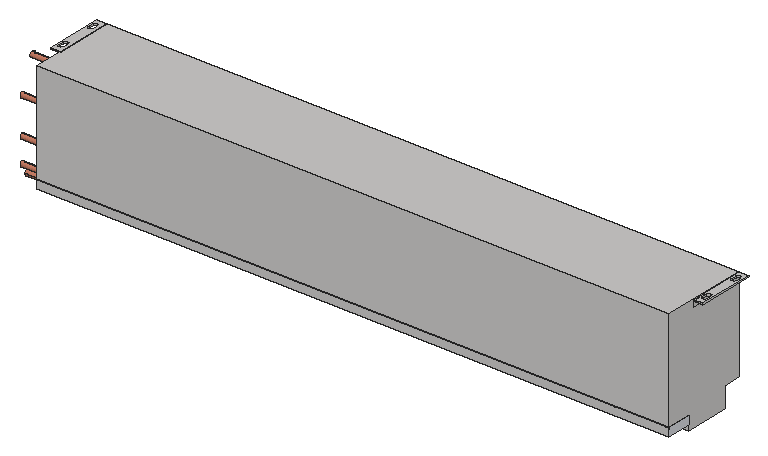
Revit family "HVAC-Chilled_Beam-Dadanco-ACB30", category Mechanical Equipment, host Face, Revit 2015
Parameters (values of type "ACB-5")
  Zone Name [instance] = "0"
  Zone ID [instance] = "0"
  Width = 0' - 8 25/32"
  Unit Tag [instance] = "ACB30"
  URL = "http://www.dadanco.com/"
  Type Comments = "1 Way, Discharge Vertical Coil"
  Total Cooling Capacity = 5178.0 Btu/h
  Supply Air = 311 CFM
  Sound Level dBA = "33"
  Sound Level NC = "21"
  Secondary Air Sensible Heating = 6755.0 Btu/h
  Secondary Air Sensible Cooling = 3168.0 Btu/h
  SHHW Temperature = 110 °F
  SHHW Temp Out = 98 °F
  SHHW Pressure Drop [instance] = HWPD  # 1.40381 psi
  SHHW Flow [instance] = HWF  # 1.1 GPM
  SCHW Temperature = 57 °F
  SCHW Temp Out = 63 °F
  SCHW Pressure Drop [instance] = CWPD  # 4.20 psi
  SCHW Flow [instance] = CWF  # 1.1 GPM
  Primary Air Static Pressure [instance] = PASP  # 0.40 in-wg
  Primary Air Inlet Size = 0' - 6"
  Primary Air Inlet Right [instance] = no
  Primary Air Inlet Left [instance] = no
  Primary Air Inlet Back [instance] = no
  Primary Air Flow Rate [instance] = PA  # 70 CFM
  PASP = 0.40 in-wg
  PA = 70 CFM
  Nozzle Configuration = "45-MN"
  Nominal Unit Length = 6' - 0"
  Net Unit Heating Sensible = 5614.0 Btu/h
  Net Unit Cooling Sensible = 4689.0 Btu/h
  Model Number = ""
  Model = "ACB30"  # constant formula
  Manufacturer = "Dadanco"  # constant formula
  Length = if(Nominal Unit Length = 2' 0", 2' 0", if(Nominal Unit Length = 3' 0", 2' 8", if(Nominal Unit Length = 4' 0", 3' 4", if(Nominal Unit Length = 5' 0", 4' 4", if(Nominal Unit Length = 6' 0", 5' 4", 0' 0")))))  # 5' - 4"
  Latent Cooling = 489.0 Btu/h
  Keynote = "23 37 00.A1"
  Housing Material = Metal-Dadanco-Steel-Galvanized
  Height = 0' - 11 43/64"
  Heating Supply Air Temperature = 87 °F
  Heating Room Dry Bulb = 70 °F
  Heating Primary Air Dry Bulb = 55 °F
  HWPD = 1.40381 psi
  HWF = 1.1 GPM
  Drain material = none
  Drain Right [instance] = and(Drain Connection, Coil Connection Right)  # no
  Drain Left [instance] = and(Drain Connection, Coil Connection Left)  # yes
  Drain Connection [instance] = yes
  Description = "Active Chilled Beam"  # constant formula
  Default Elevation = 9' - 0"
  Cooling Supply Air Temperature = 61 °F
  Cooling Room Relative Humidity = 50
  Cooling Room Dry Bulb = 75 °F
  Cooling Primary Air Wet Bulb = 52.52 °F
  Cooling Primary Air Dry Bulb = 55 °F
  Coil Connection Right [instance] = no
  Coil Connection Left [instance] = not(Coil Connection Right)  # yes
  CWPD = 4.20 psi
  CWF = 1.1 GPM
  Assembly Code = "D3040100"
  4 Pipe Coil Configuration Left [instance] = and([4 Pipe Coil Configuration], Coil Connection Left)  # yes
  4 Pipe Coil Configuration [instance] = [2 or 4 pipe] = 4  # yes
  2 or 4 pipe = 4
  4 Pipe Coil Configuration Right [instance] = and([4 Pipe Coil Configuration], Coil Connection Right)  # no
  2 Pipe Coil Configuration = not([2 or 4 pipe] = 4)  # no
  0.5 inch SWT Stub Coil Connection [instance] = not(or([0.5 inch Female NPT Stub coil Connection], [0.5 inch Male NPT Stub Coil Connection]))  # yes
  0.5 inch Male NPT Stub Coil Connection [instance] = no
  0.5 inch Female NPT Stub coil Connection [instance] = no
Types (6): name | Total Cooling Capacity | Supply Air | Sound Level dBA | Sound Level NC | Secondary Air Sensible Heating | Secondary Air Sensible Cooling | SHHW Temp Out | SHHW Pressure Drop | SHHW Flow | SCHW Temp Out | SCHW Pressure Drop | SCHW Flow | Primary Air Static Pressure | Primary Air Inlet Size | Primary Air Flow Rate | PASP | PA | Nozzle Configuration | Nominal Unit Length | Net Unit Heating Sensible | Net Unit Cooling Sensible | Length | Latent Cooling | Heating Supply Air Temperature | HWPD | HWF | Cooling Supply Air Temperature | CWPD | CWF | 4 Pipe Coil Configuration Left | 4 Pipe Coil Configuration | 2 or 4 pipe | 2 Pipe Coil Configuration | 0.5 inch SWT Stub Coil Connection | 0.5 inch Male NPT Stub Coil Connection | 0.5 inch Female NPT Stub coil Connection
  ACB-1 | 1870.0 Btu/h | 96 CFM | "20" | "15" | 2535.0 Btu/h | 1296.0 Btu/h | 99 °F | 0.319048 psi | 0.5 GPM | 59 °F | 3.40 psi | 1.6 GPM | 0.50 in-wg | 0' - 4" | 20 CFM | 0.50 in-wg | 20 CFM | "15-SN" | 2' - 0" | 2209.0 Btu/h | 1731.0 Btu/h | 2' - 0" | 140.0 Btu/h | 91 °F | 0.319048 psi | 0.5 GPM | 58 °F | 3.40 psi | 1.6 GPM | yes | yes | 4 | no | no | yes | yes
  ACB-2 | 2706.0 Btu/h | 165 CFM | "22" | "15" | 3722.0 Btu/h | 1558.0 Btu/h | 105 °F | 1.08476 psi | 1.5 GPM | 64 °F | 0.40 psi | 0.5 GPM | 0.40 in-wg | 0' - 4" | 40 CFM | 0.40 in-wg | 40 CFM | "25-MN" | 3' - 0" | 3071.0 Btu/h | 2427.0 Btu/h | 2' - 8" | 279.0 Btu/h | 87 °F | 1.08476 psi | 1.5 GPM | 61 °F | 0.40 psi | 0.5 GPM | yes | yes | 4 | no | no | yes | yes
  ACB-3 | 3610.0 Btu/h | 209 CFM | "26" | "16" | 4391.0 Btu/h | 2174.0 Btu/h | 99 °F | 0.478571 psi | 0.8 GPM | 62 °F | 1.90 psi | 1 GPM | 0.40 in-wg | 0' - 6" | 50 CFM | 0.40 in-wg | 50 CFM | "35-MN" | 4' - 0" | 3576.0 Btu/h | 3261.0 Btu/h | 3' - 4" | 349.0 Btu/h | 86 °F | 0.478571 psi | 0.8 GPM | 61 °F | 1.90 psi | 1 GPM | yes | yes | 4 | no | no | yes | yes
  ACB-4 | 4770.0 Btu/h | 261 CFM | "30" | "19" | 7151.0 Btu/h | 3048.0 Btu/h | 97 °F | 4.56238 psi | 1.1 GPM | 65 °F | 2.50 psi | 0.8 GPM | 0.40 in-wg | 0' - 6" | 60 CFM | 0.40 in-wg | 60 CFM | "40-MN" | 5' - 0" | 6173.0 Btu/h | 4351.0 Btu/h | 4' - 4" | 419.0 Btu/h | 92 °F | 4.56238 psi | 1.1 GPM | 60 °F | 2.50 psi | 0.8 GPM | no | no | 2 | yes | no | yes | yes
  ACB-5 | 5178.0 Btu/h | 311 CFM | "33" | "21" | 6755.0 Btu/h | 3168.0 Btu/h | 98 °F | 1.40381 psi | 1.1 GPM | 63 °F | 4.20 psi | 1.1 GPM | 0.40 in-wg | 0' - 6" | 70 CFM | 0.40 in-wg | 70 CFM | "45-MN" | 6' - 0" | 5614.0 Btu/h | 4689.0 Btu/h | 5' - 4" | 489.0 Btu/h | 87 °F | 1.40381 psi | 1.1 GPM | 61 °F | 4.20 psi | 1.1 GPM | yes | yes | 4 | no | yes | no | no
  ACB-6 | 3738.0 Btu/h | 223 CFM | "27" | "17" | 4806.0 Btu/h | 2302.0 Btu/h | 100 °F | 0.638095 psi | 1 GPM | 62 °F | 1.90 psi | 1 GPM | 0.50 in-wg | 0' - 6" | 50 CFM | 0.50 in-wg | 50 CFM | "30-MN" | 4' - 0" | 3991.0 Btu/h | 3389.0 Btu/h | 3' - 4" | 349.0 Btu/h | 86 °F | 0.638095 psi | 1 GPM | 61 °F | 1.90 psi | 1 GPM | yes | yes | 4 | no | no | yes | yes
Reference planes (in)
  plane 1 "Center (Front/Back)": y = 0
  plane 2: z = 0
  plane 3 "Center (Left/Right)": x = 0
  plane 4: z = 5.65426
  plane 5: x = 12
  plane 6: x = -12
  plane 7: z = 11.25187
  plane 8: z = 1.87187
  plane 9: y = -3.14063
  plane 10: y = -3.76563
  plane 11: y = -2.51563
Forms (in)
  Extrusion 1, solid, material "Metal-Dadanco-Steel-Galvanized"
    sketch origin (0, 0, 0) x (1, 0, 0) y (0, 1, 0)
      loop
        line (-32, 4.39062) -> (-32, -4.39063) -> (32, -4.39063) -> (32, 4.39062) -> (-32, 4.39062)
    from 0 to 11.67188
  Extrusion 2, solid, material "Metal-Dadanco-Copper-Satin", visible <- "Coil Connection Right"
    sketch origin (12, -180, 11.67187) x (0, 0, -1) y (0, -1, 0)
      loop
        circle (0.42, -177.48437) r 0.25
    from -20 to -21.9849
  Extrusion 3, solid, material "Metal-Dadanco-Copper-Satin", visible <- "Coil Connection Right"
    sketch origin (12, -180, 11.67187) x (0, 0, -1) y (0, -1, 0)
      loop
        circle (9.8, -176.23437) r 0.25
    from -20 to -21.9849
  Extrusion 4, void
    sketch origin (12, -180, 11.67187) x (0, 0, 1) y (0, -1, 0)
      loop
        line (-9.5782, -182.67062) -> (-11.67188, -182.67062) -> (-11.67188, -184.39062) -> (-9.5782, -184.39062) -> (-9.5782, -182.67062)
    from 20 to -44
  Extrusion 5, solid, material <- "Drain material"
    sketch origin (12, -180, 11.67187) x (0, 0, -1) y (0, -1, 0)
      loop
        line (10.30822, -178.10937) -> (11.12092, -178.10937) -> (11.12092, -175.61062) -> (10.30822, -175.61062) -> (10.30822, -178.10937)
    from -20 to 44
  Extrusion 6, void
    sketch origin (12, -180, 11.67187) x (0, 0, 1) y (0, -1, 0)
      loop
        line (-10.2325, -178.10937) -> (-10.2325, -175.61062) -> (-10.30822, -175.61062) -> (-10.30822, -178.10937) -> (-10.2325, -178.10937)
      loop
        line (-11.12092, -178.10937) -> (-11.12092, -175.60937) -> (-11.67188, -175.60937) -> (-11.67188, -178.10937) -> (-11.12092, -178.10937)
    from 20 to -44
  Extrusion 7, solid, material "Metal-Dadanco-Steel-Galvanized" <- "Housing Material", visible <- "Primary Air Inlet Back"
    sketch origin (-0.25, 13.74436, -4.61572) x (1, 0, 0) y (0, 0, 1)
      loop
        line (1.75, 15.25) -> (-1.25, 15.25)
        arc (-1.25, 15.25) -> (-2.25, 14.25) -> (-1.25, 13.25) r 1
        line (-1.25, 13.25) -> (1.75, 13.25)
        arc (1.75, 13.25) -> (2.75, 14.25) -> (1.75, 15.25) r 1
    from 6.25 to 9.25
  Extrusion 8, solid, material "Metal-Dadanco-Steel-Galvanized" <- "Housing Material", visible <- "Primary Air Inlet Right"
    sketch origin (21.25, 16.17892, 9.13281) x (0, 0.258819, -0.965926) y (0, -0.965926, -0.258819)
      loop
        line (1.75, 15.25) -> (-1.25, 15.25)
        arc (-1.25, 15.25) -> (-2.25, 14.25) -> (-1.25, 13.25) r 1
        line (-1.25, 13.25) -> (1.75, 13.25)
        arc (1.75, 13.25) -> (2.75, 14.25) -> (1.75, 15.25) r 1
    from -13.75 to -10.75
  Extrusion 9, solid, material "Metal-Dadanco-Steel-Galvanized" <- "Housing Material", visible <- "Primary Air Inlet Left"
    sketch origin (-21.25, 16.17892, 9.13281) x (0, 0.258819, -0.965926) y (0, 0.965926, 0.258819)
      loop
        arc (1.75, -15.25) -> (2.75, -14.25) -> (1.75, -13.25) r 1
        line (1.75, -13.25) -> (-1.25, -13.25)
        arc (-1.25, -13.25) -> (-2.25, -14.25) -> (-1.25, -15.25) r 1
        line (-1.25, -15.25) -> (1.75, -15.25)
    from -13.75 to -10.75
  Extrusion 10, solid, material "Metal-Dadanco-Copper-Satin", visible <- "Coil Connection Left"
    sketch origin (-12, -180, 11.67188) x (0, 0, -1) y (0, 1, 0)
      loop
        circle (0.42, 177.48437) r 0.25
    from -20 to -21.9849
  Extrusion 11, solid, material "Metal-Dadanco-Copper-Satin", visible <- "Coil Connection Left"
    sketch origin (-12, -180, 11.67188) x (0, 0, -1) y (0, 1, 0)
      loop
        circle (9.8, 176.23437) r 0.25
    from -20 to -21.9849
  Extrusion 12, solid, material "Metal-Dadanco-Copper-Satin", visible <- "Drain Right"
    sketch origin (0, 0, 0) x (0, 1, 0) y (0, 0, 1)
      loop
        circle (-3.14302, 0.80148) r 0.25
    from 33.9849 to 32
  Extrusion 13, solid, material "Metal-Dadanco-Copper-Satin", visible <- "Drain Left"
    sketch origin (0, 0, 0) x (0, 1, 0) y (0, 0, -1)
      loop
        circle (-3.14302, -0.80148) r 0.25
    from 33.9849 to 32
  Extrusion 14, solid, material "Metal-Dadanco-Copper-Satin", visible <- "4 Pipe Coil Configuration Left"
    sketch origin (-12, -180, 14.17688) x (0, 0, -1) y (0, 1, 0)
      loop
        circle (9.8, 176.23437) r 0.25
    from -20 to -21.9849
  Extrusion 15, solid, material "Metal-Dadanco-Copper-Satin", visible <- "4 Pipe Coil Configuration Left"
    sketch origin (-12, -180, 17.92688) x (0, 0, -1) y (0, 1, 0)
      loop
        circle (9.8, 176.23437) r 0.25
    from -20 to -21.9849
  Extrusion 16, solid, material "Metal-Dadanco-Copper-Satin", visible <- "4 Pipe Coil Configuration Right"
    sketch origin (12, -180, 14.17687) x (0, 0, -1) y (0, -1, 0)
      loop
        circle (9.8, -176.23437) r 0.25
    from -20 to -21.9849
  Extrusion 17, solid, material "Metal-Dadanco-Copper-Satin", visible <- "4 Pipe Coil Configuration Right"
    sketch origin (12, -180, 17.92687) x (0, 0, -1) y (0, -1, 0)
      loop
        circle (9.8, -176.23437) r 0.25
    from -20 to -21.9849
Cuts and joins
  Extrusion 4, Extrusion 6 cuts Extrusion 1
Lines and regions (in)
  Masking region 1, visible <- "Primary Air Inlet Back", detail levels medium+fine
    outline origin (-0.55581, -4.50564, -3.621) x (1, 0, 0) y (0, 1, 0)
      loop
        line (-1.94419, 11.89627) -> (-1.94419, 8.89627) -> (3.05581, 8.89627) -> (3.05581, 11.89627) -> (-1.94419, 11.89627)
  model lines
    curve 1: line (12, -4.39063, 1.43937) -> (12, -1.89063, 1.43937)
    curve 2: line (0, -3.76563, 11.25187) -> (0, -3.76563, 8.12687)
Dimensions and locks (in)
  equal spacing: Extrusion 1, plane 1 "Center (Front/Back)", Extrusion 1
  equal spacing: Extrusion 1, plane 3 "Center (Left/Right)", Extrusion 1
  "Length": Extrusion 1 to Extrusion 1
  "Width": Extrusion 1 to Extrusion 1
  "Height": Extrusion 1 to Extrusion 1
  locked: Extrusion 2 to Extrusion 1 at 1.9849
  cut or joined group of Extrusion 1, Extrusion 4, Extrusion 6 to Extrusion 5 sketch curve = 0' - 8.78"
  level to Extrusion 5 = 0' - 1.36366"
  locked: Extrusion 7 to Extrusion 7 at 3
  locked: Extrusion 8 to Extrusion 8 at 3
  locked: Extrusion 9 to Extrusion 9 at 3
  locked: Extrusion 10 to cut or joined group of Extrusion 1, Extrusion 4, Extrusion 6 at 1.9849
  aligned and locked: plane 2 to host face
  aligned and locked: level to host face
  aligned and locked: Extrusion 3 to Extrusion 2
  aligned and locked: Extrusion 1 to Extrusion 2
  aligned and locked: Extrusion 3 to Extrusion 1
  aligned and locked: Extrusion 1 to Extrusion 4
  aligned and locked: Extrusion 4 to Extrusion 1
  aligned and locked: Extrusion 5 to Extrusion 2
  aligned and locked: cut or joined group of Extrusion 1, Extrusion 4, Extrusion 6 to Extrusion 5
  aligned and locked: Extrusion 1 to Extrusion 6
  aligned and locked: Extrusion 6 to Extrusion 1
  aligned and locked: cut or joined group of Extrusion 1, Extrusion 4, Extrusion 6 to nested 1
  aligned and locked: cut or joined group of Extrusion 1, Extrusion 4, Extrusion 6 to nested 2
  aligned and locked: Masking region 1 to cut or joined group of Extrusion 1, Extrusion 4, Extrusion 6
  aligned and locked: Extrusion 9 to cut or joined group of Extrusion 1, Extrusion 4, Extrusion 6
  aligned and locked: cut or joined group of Extrusion 1, Extrusion 4, Extrusion 6 to Extrusion 8
  aligned and locked: Extrusion 11 to Extrusion 10  (x2)
  aligned and locked: cut or joined group of Extrusion 1, Extrusion 4, Extrusion 6 to Extrusion 10
  aligned and locked: Extrusion 11 to cut or joined group of Extrusion 1, Extrusion 4, Extrusion 6
  aligned and locked: Extrusion 12 to Extrusion 2
  aligned and locked: Extrusion 12 to Extrusion 5
  aligned and locked: Extrusion 11 to Extrusion 13
  aligned and locked: Extrusion 13 to cut or joined group of Extrusion 1, Extrusion 4, Extrusion 6
  aligned and locked: Extrusion 15 to cut or joined group of Extrusion 1, Extrusion 4, Extrusion 6
  aligned and locked: Extrusion 14 to cut or joined group of Extrusion 1, Extrusion 4, Extrusion 6
  aligned and locked: Extrusion 10 to Extrusion 14
  aligned and locked: Extrusion 10 to Extrusion 15
  aligned and locked: cut or joined group of Extrusion 1, Extrusion 4, Extrusion 6 to Extrusion 17
  aligned and locked: cut or joined group of Extrusion 1, Extrusion 4, Extrusion 6 to Extrusion 16
  aligned and locked: Extrusion 17 to Extrusion 2
  aligned and locked: Extrusion 16 to Extrusion 2
Automatic sketch dimensions
  host sketch curve to host sketch curve = 8' - 0"  (x2)
  plane 6 to Extrusion 1 sketch curve = 1' - 8"
  Extrusion 1 sketch curve to plane 5 = 1' - 8"
  Extrusion 1 sketch curve to plane 10 = 0' - 0 5/8"
  Extrusion 1 sketch curve to plane 1 "Center (Front/Back)" = 0' - 4 25/64"
  curve 1 to plane 8 = 0' - 0.4325"
  plane 11 to curve 1 = 0' - 0 5/8"
  curve 1 to plane 10 = 0' - 0 5/8"
  Extrusion 2 sketch curve to plane 7 = 0' - 0"
  Extrusion 2 sketch curve to plane 11 = 0' - 0"
  Extrusion 3 sketch curve to plane 8 = 0' - 0"
  Extrusion 3 sketch curve to plane 10 = 0' - 0"
  Extrusion 4 sketch curve to level = 0' - 0"
  plane 8 to Extrusion 4 sketch curve = 0' - 0.2218"
  Extrusion 4 sketch curve to plane 1 "Center (Front/Back)" = 0' - 4 25/64"
  Extrusion 4 sketch curve to Extrusion 4 sketch curve = 0' - 1.72"
  Extrusion 5 sketch curve to plane 8 = 0' - 0.50822"
  level to Extrusion 5 sketch curve = 0' - 0.55095"
  plane 11 to Extrusion 5 sketch curve = 0' - 0 5/8"
  Extrusion 6 sketch curve to level = 0' - 0"
  level to Extrusion 6 sketch curve = 0' - 0.55095"
  Extrusion 6 sketch curve to plane 8 = 0' - 0.50822"
  Extrusion 6 sketch curve to Extrusion 6 sketch curve = 0' - 0.07572"
  plane 11 to Extrusion 6 sketch curve = 0' - 0 5/8"  (x2)
  Extrusion 6 sketch curve to plane 10 = 0' - 0.62375"
  Extrusion 6 sketch curve to plane 10 = 0' - 0 5/8"
  Masking region 1 sketch curve to plane 3 "Center (Left/Right)" = 0' - 2 1/2"
  plane 3 "Center (Left/Right)" to Masking region 1 sketch curve = 0' - 2 1/2"
  Masking region 1 sketch curve to plane 1 "Center (Front/Back)" = 0' - 4 25/64"
  Masking region 1 sketch curve to Masking region 1 sketch curve = 0' - 3"
  Extrusion 7 sketch curve to plane 7 = 0' - 0.6176"
  Extrusion 7 sketch curve to plane 3 "Center (Left/Right)" = 0' - 1 1/2"
  plane 3 "Center (Left/Right)" to Extrusion 7 sketch curve = 0' - 1 1/2"
  Extrusion 7 sketch curve to Extrusion 7 sketch curve = 0' - 1"
  Extrusion 8 sketch curve to plane 1 "Center (Front/Back)" = 0' - 1.12503"
  plane 4 to Extrusion 8 sketch curve = 0' - 0.73896"
  Extrusion 8 sketch curve to Extrusion 8 sketch curve = 0' - 3"
  Extrusion 8 sketch curve to Extrusion 8 sketch curve = 0' - 1"
  curve 2 to plane 10 = 0' - 0"
  curve 2 to plane 7 = 0' - 0"
  plane 4 to curve 2 = 0' - 2.47261"
  Extrusion 9 sketch curve to plane 1 "Center (Front/Back)" = 0' - 1.12503"
  plane 4 to Extrusion 9 sketch curve = 0' - 0.73896"
  Extrusion 9 sketch curve to Extrusion 9 sketch curve = 0' - 3"
  Extrusion 9 sketch curve to Extrusion 9 sketch curve = 0' - 1"
  Extrusion 10 sketch curve to plane 7 = 0' - 0"
  Extrusion 10 sketch curve to plane 11 = 0' - 0"
  Extrusion 11 sketch curve to plane 8 = 0' - 0"
  Extrusion 11 sketch curve to plane 10 = 0' - 0"
  Extrusion 12 sketch curve to plane 9 = 0' - 0.0024"
  level to Extrusion 12 sketch curve = 0' - 0.80148"
  Extrusion 13 sketch curve to plane 9 = 0' - 0.0024"
  level to Extrusion 13 sketch curve = 0' - 0.80148"
  Extrusion 14 sketch curve to plane 10 = 0' - 0"
  Extrusion 14 sketch curve to plane 4 = 0' - 1.27739"
  Extrusion 15 sketch curve to plane 10 = 0' - 0"
  plane 4 to Extrusion 15 sketch curve = 0' - 2.47261"
  Extrusion 16 sketch curve to plane 10 = 0' - 0"
  Extrusion 16 sketch curve to plane 4 = 0' - 1.27739"
  Extrusion 17 sketch curve to plane 10 = 0' - 0"
  plane 4 to Extrusion 17 sketch curve = 0' - 2.47261"
  radius of Extrusion 2 sketch curve = 0' - 0 1/4"
  radius of Extrusion 3 sketch curve = 0' - 0 1/4"
  radius of Extrusion 10 sketch curve = 0' - 0 1/4"
  radius of Extrusion 11 sketch curve = 0' - 0 1/4"
  radius of Extrusion 12 sketch curve = 0' - 0 1/4"
  radius of Extrusion 13 sketch curve = 0' - 0 1/4"
  radius of Extrusion 14 sketch curve = 0' - 0 1/4"
  radius of Extrusion 15 sketch curve = 0' - 0 1/4"
  radius of Extrusion 16 sketch curve = 0' - 0 1/4"
  radius of Extrusion 17 sketch curve = 0' - 0 1/4"
Nested families (in)
  nested 1: "HVAC-Chilled_Beam-Dadanco-ACB_Bracket" at (-32, 1.5158, 11.67187) x (-1, 0, 0) z (0, 1, 0), type "L Bracket"
  nested 2: "HVAC-Chilled_Beam-Dadanco-ACB_Bracket" at (32, 1.5154, 11.67187) x (1, 0, 0) z (0, 1, 0), type "L Bracket"
Connectors (in)
  hvac at (35, 2.47918, 5.20316), driven by "Primary Air Flow Rate", driven by "Primary Air Static Pressure"
    settings: on Extrusion 8, index 1, duct flow 70 CFM, flow factor 0, pres drop 0.40 in-wg, loss coef 0, conn angle 0.00°, conn width 2", conn height 5", conn diameter 24", duct sys type 1, conn prof type 1, flow config 1, flow direction 1, loss method 4, conn ref index -1, conn util no, is conn primary yes, conn desc "Primary Air Inlet Right (A)"
  piping at (33.9849, -2.51563, 11.25187), diameter 0.5, driven by "SCHW Flow"
    settings: on Extrusion 2, index 2, connector inside diameter 1/2", connector length 0' - 0", flow factor 0, pipe flow 1.1 GPM, pressure drop 0.00 psi, fitting loss kfactor 0, connector angle 0.00°, fixture units 0, engagement length 0' - 0", angle of deflection 0.00°, flow configuration 1, flow direction 1, fitting loss method 0, system type 7, joint type 0, gender type 0, connector reference index -1, connector utility 0, adjustable connector no, is connector primary yes, connector description "SCHW Supply Right"
  piping at (33.9849, -3.76563, 1.87187), diameter 0.5, driven by "SCHW Flow", driven by "SCHW Pressure Drop"
    settings: on Extrusion 3, index 3, connector inside diameter 1/2", connector length 0' - 0", flow factor 0, pipe flow 1.1 GPM, pressure drop 4.20 psi, fitting loss kfactor 0, connector angle 0.00°, fixture units 0, engagement length 0' - 0", angle of deflection 0.00°, flow configuration 0, flow direction 2, fitting loss method 4, system type 8, joint type 0, gender type 0, connector reference index -1, connector utility 0, adjustable connector no, is connector primary no, connector description "SCHW Return Right"
  hvac at (0, 7.49436, 9.63428), driven by "Primary Air Static Pressure", driven by "Primary Air Flow Rate"
    settings: on Extrusion 7, index 4, duct flow 70 CFM, flow factor 0, pres drop 0.40 in-wg, loss coef 0, conn angle 0.00°, conn width 5", conn height 2", conn diameter 24", duct sys type 1, conn prof type 1, flow config 1, flow direction 1, loss method 4, conn ref index -1, conn util no, is conn primary no, conn desc "Primary Air Inlet Back"
  hvac at (-35, 2.47918, 5.20316), driven by "Primary Air Static Pressure", driven by "Primary Air Flow Rate"
    settings: on Extrusion 9, index 5, duct flow 70 CFM, flow factor 0, pres drop 0.40 in-wg, loss coef 0, conn angle 0.00°, conn width 2", conn height 5", conn diameter 24", duct sys type 1, conn prof type 1, flow config 1, flow direction 1, loss method 4, conn ref index -1, conn util no, is conn primary no, conn desc "Primary Air Inlet Left"
  piping at (-33.9849, -2.51563, 11.25188), diameter 0.5, driven by "SCHW Flow"
    settings: on Extrusion 10, index 6, connector inside diameter 1/2", connector length 0' - 0", flow factor 0, pipe flow 1.1 GPM, pressure drop 0.00 psi, fitting loss kfactor 0, connector angle 0.00°, fixture units 0, engagement length 0' - 0", angle of deflection 0.00°, flow configuration 1, flow direction 1, fitting loss method 0, system type 7, joint type 0, gender type 0, connector reference index -1, connector utility 0, adjustable connector no, is connector primary no, connector description "SCHW Supply Left"
  piping at (-33.9849, -3.76563, 1.87188), diameter 0.5, driven by "SCHW Flow", driven by "SCHW Pressure Drop"
    settings: on Extrusion 11, index 7, connector inside diameter 1/2", connector length 0' - 0", flow factor 0, pipe flow 1.1 GPM, pressure drop 4.20 psi, fitting loss kfactor 0, connector angle 0.00°, fixture units 0, engagement length 0' - 0", angle of deflection 0.00°, flow configuration 1, flow direction 2, fitting loss method 4, system type 8, joint type 0, gender type 0, connector reference index -1, connector utility 0, adjustable connector no, is connector primary no, connector description "SCHW Return Left"
  piping at (-33.9849, -3.14302, 0.80148), diameter 0.5
    settings: on Extrusion 13, index 8, connector inside diameter 1/2", connector length 0' - 0", flow factor 0, pipe flow 0 GPM, pressure drop 0.00 psi, fitting loss kfactor 0, connector angle 0.00°, fixture units 0, engagement length 0' - 0", angle of deflection 0.00°, flow configuration 0, flow direction 0, fitting loss method 0, system type 16, joint type 0, gender type 0, connector reference index -1, connector utility 0, adjustable connector no, is connector primary no, connector description ""
  piping at (33.9849, -3.14302, 0.80148), diameter 0.5
    settings: on Extrusion 12, index 9, connector inside diameter 1/2", connector length 0' - 0", flow factor 0, pipe flow 0 GPM, pressure drop 0.00 psi, fitting loss kfactor 0, connector angle 0.00°, fixture units 0, engagement length 0' - 0", angle of deflection 0.00°, flow configuration 0, flow direction 2, fitting loss method 0, system type 16, joint type 0, gender type 0, connector reference index -1, connector utility 0, adjustable connector no, is connector primary no, connector description ""
  piping at (-33.9849, -3.76563, 8.12688), diameter 0.5, driven by "SHHW Flow"
    settings: on Extrusion 15, index 10, connector inside diameter 1/2", connector length 0' - 0", flow factor 0, pipe flow 1.1 GPM, pressure drop 0.00 psi, fitting loss kfactor 0, connector angle 0.00°, fixture units 0, engagement length 0' - 0", angle of deflection 0.00°, flow configuration 1, flow direction 1, fitting loss method 0, system type 7, joint type 0, gender type 0, connector reference index -1, connector utility 0, adjustable connector no, is connector primary no, connector description "SHHW Supply Left"
  piping at (-33.9849, -3.76563, 4.37688), diameter 0.5, driven by "SHHW Flow", driven by "SHHW Pressure Drop"
    settings: on Extrusion 14, index 11, connector inside diameter 1/2", connector length 0' - 0", flow factor 0, pipe flow 1.1 GPM, pressure drop 1.40381 psi, fitting loss kfactor 0, connector angle 0.00°, fixture units 0, engagement length 0' - 0", angle of deflection 0.00°, flow configuration 0, flow direction 2, fitting loss method 4, system type 8, joint type 0, gender type 0, connector reference index -1, connector utility 0, adjustable connector no, is connector primary no, connector description "SHHW Return Left"
  piping at (33.9849, -3.76563, 8.12687), diameter 0.5, driven by "SHHW Flow"
    settings: on Extrusion 17, index 12, connector inside diameter 1/2", connector length 0' - 0", flow factor 0, pipe flow 1.1 GPM, pressure drop 0.00 psi, fitting loss kfactor 0, connector angle 0.00°, fixture units 0, engagement length 0' - 0", angle of deflection 0.00°, flow configuration 0, flow direction 1, fitting loss method 0, system type 7, joint type 0, gender type 0, connector reference index -1, connector utility 0, adjustable connector no, is connector primary no, connector description "SHHW Supply Right"
  piping at (33.9849, -3.76563, 4.37687), diameter 0.5, driven by "SHHW Flow", driven by "SHHW Pressure Drop"
    settings: on Extrusion 16, index 13, connector inside diameter 1/2", connector length 0' - 0", flow factor 0, pipe flow 1.1 GPM, pressure drop 1.40381 psi, fitting loss kfactor 0, connector angle 0.00°, fixture units 0, engagement length 0' - 0", angle of deflection 0.00°, flow configuration 1, flow direction 2, fitting loss method 4, system type 8, joint type 0, gender type 0, connector reference index -1, connector utility 0, adjustable connector no, is connector primary no, connector description "SHHW Return Right"
Definition of nested family "HVAC-Chilled_Beam-Dadanco-ACB_Bracket"
  Reference planes (in)
    plane 1 "Center (Front/Back)": y = 0
    plane 2: z = 0
    plane 3 "Center (Left/Right)": x = 0
  Forms (in)
    Extrusion 1, solid
      sketch origin (0, 0, 0) x (1, 0, 0) y (0, 1, 0)
        loop
          line (0, 0) -> (0, -0.625) -> (0.125, -0.625) -> (0.125, -0.125) -> (1, -0.125) -> (1, 0) -> (0, 0)
      from -2.875 to 2.875
    Extrusion 2, void
      sketch origin (0, 0, 0) x (1, 0, 0) y (0, 0, 1)
        loop
          arc (0.3125, 1.625) -> (0.5625, 1.375) -> (0.8125, 1.625) r 0.25
          line (0.8125, 1.625) -> (0.8125, 2.125)
          arc (0.8125, 2.125) -> (0.5625, 2.375) -> (0.3125, 2.125) r 0.25
          line (0.3125, 2.125) -> (0.3125, 1.625)
      from 0 to 0.125
    Extrusion 3, void
      sketch origin (0, 0, 0) x (1, 0, 0) y (0, 0, 1)
        loop
          line (0.3125, -1.625) -> (0.3125, -2.125)
          arc (0.3125, -2.125) -> (0.5625, -2.375) -> (0.8125, -2.125) r 0.25
          line (0.8125, -2.125) -> (0.8125, -1.625)
          arc (0.8125, -1.625) -> (0.5625, -1.375) -> (0.3125, -1.625) r 0.25
      from 0 to 0.125
  Cuts and joins
    Extrusion 2, Extrusion 3 cuts Extrusion 1
  Lines and regions (in)
    reference lines
      curve 1: line (-9.25507, 0, 2.875) -> (12.49493, 0, 2.875)
      curve 2: line (-9.25507, 0, -2.875) -> (13.49493, 0, -2.875)
  Dimensions and locks (in)
    locked: plane 3 "Center (Left/Right)" to Extrusion 1 sketch curve at 1
    locked: Extrusion 1 sketch curve to Extrusion 1 sketch curve at 0.125  (x2)
    locked: plane 1 "Center (Front/Back)" to Extrusion 1 sketch curve at 0.625
    locked: level to curve 2 at 2.875
    locked: curve 1 to level at 2.875
    aligned and locked: Extrusion 1 to curve 1
    aligned and locked: curve 2 to Extrusion 1
    aligned and locked: Extrusion 2 to plane 1 "Center (Front/Back)"
    aligned and locked: Extrusion 1 to Extrusion 2
